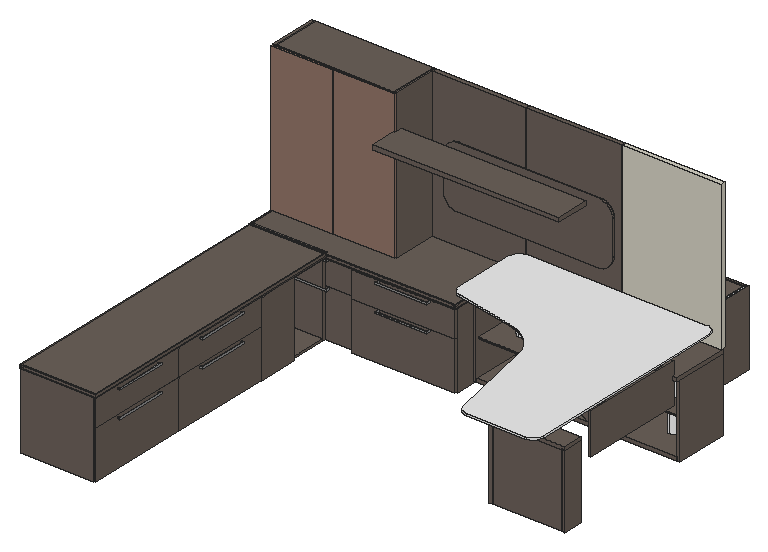
Revit family "OFS TYPICAL T100290", category Furniture, Revit 2022 (continued)
Definition of nested family "STAKS LOW HEIGHT PEDESTAL WIDE - BOX-FILE - NO RISER SUPPORT"
  Automatic sketch dimensions
    Extrusion 3 sketch curve to plane 3 = 0' - 0"
    Extrusion 3 sketch curve to plane 16 = 0' - 0"
    Extrusion 4 sketch curve to plane 6 = 0' - 0"
    Extrusion 4 sketch curve to plane 3 = 0' - 0"
    Extrusion 4 sketch curve to plane 17 = 0' - 0"
    plane 27 to Extrusion 4 sketch curve = 0' - 0"
    plane 13 to Extrusion 5 sketch curve = 0' - 0"  (x2)
    Extrusion 5 sketch curve to plane 20 = 0' - 0"
    Extrusion 5 sketch curve to plane 21 = 0' - 0"
    Extrusion 5 sketch curve to plane 23 = 0' - 0"
    Extrusion 5 sketch curve to plane 22 = 0' - 0"
    plane 25 to Extrusion 5 sketch curve = 0' - 0"
    plane 24 to Extrusion 5 sketch curve = 0' - 0"
    plane 13 to Extrusion 6 sketch curve = 0' - 0"  (x2)
    Extrusion 6 sketch curve to plane 20 = 0' - 0"
    Extrusion 6 sketch curve to plane 21 = 0' - 0"
    Extrusion 6 sketch curve to plane 23 = 0' - 0"
    Extrusion 6 sketch curve to plane 22 = 0' - 0"
    plane 25 to Extrusion 6 sketch curve = 0' - 0"
    plane 24 to Extrusion 6 sketch curve = 0' - 0"
    plane 12 to Extrusion 7 sketch curve = 0' - 0"
    Extrusion 7 sketch curve to plane 18 = 0' - 0"
    plane 17 to Extrusion 7 sketch curve = 0' - 0"
    Extrusion 8 sketch curve to plane 10 = 0' - 0"
    Extrusion 8 sketch curve to plane 16 = 0' - 0"
    Extrusion 8 sketch curve to plane 3 = 0' - 0"
    Extrusion 8 sketch curve to plane 19 = 0' - 0"
    plane 14 to Extrusion 9 sketch curve = 0' - 0 11/16"
    Extrusion 9 sketch curve to plane 6 = 0' - 0"
    plane 6 to Extrusion 9 sketch curve = 0' - 0 3/4"
    Extrusion 9 sketch curve to plane 19 = 0' - 0"
    Extrusion 10 sketch curve to plane 14 = 0' - 0"
    Extrusion 10 sketch curve to plane 15 = 0' - 0"
    Extrusion 10 sketch curve to plane 13 = 0' - 0 3/4"  (x2)
    Extrusion 10 sketch curve to plane 19 = 0' - 0"
    plane 17 to Extrusion 10 sketch curve = 0' - 0"  (x2)
    plane 4 to Extrusion 2 sketch curve = 0' - 7 1/2"
    Extrusion 10 sketch curve to plane 16 = 0' - 0"
Definition of nested family "STAKS FABRIC TACKBOARD WITH ROUNDED CORNERS FOR SPINE OR DIVIDER WALL"
  Parameters (values of type "STAKS FABRIC TACKBOARD WITH ROUNDED CORNERS FOR SPINE OR DIVIDER WALL 12H x 27-48.9375W")
    URL = "http://www.ofs.com/"
    Height Above Floor [instance] = 3' - 5 1/2"
    Height = 1' - 0"
    Depth = 0' - 0 1/2"
    Model = "FTR10D"
    Manufacturer = "OFS"
    Description = "OFS STAKS FABRIC TACKBOARD WITH ROUNDED CORNERS FOR SPINE OR DIVIDER WALL 12\" Height X 27\" - 48.9375\" Width, Any Width in 1/8\" Increments available within Ranges Shown"
    Width = 2' - 3"
    Default Elevation = 0' - 0"
    Copyright © = "© 2018 OFS"
    Catalog = "https://ofs.com/products/casegoods/private-office/staks"
    Authoring Version = "Autodesk Revit Architecture 2013"
    Assembly Code = "E2020200"
  Types (6): name | Height Above Floor | Height | Model | Description | Width
    STAKS FABRIC TACKBOARD WITH ROUNDED CORNERS FOR SPINE OR DIVIDER WALL 12H x 27-48.9375W | 3' - 5 1/2" | 1' - 0" | "FTR10D" | "OFS STAKS FABRIC TACKBOARD WITH ROUNDED CORNERS FOR SPINE OR DIVIDER WALL 12\" Height X 27\" - 48.9375\" Width, Any Width in 1/8\" Increments available within Ranges Shown" | 2' - 3"
    STAKS FABRIC TACKBOARD WITH ROUNDED CORNERS FOR SPINE OR DIVIDER WALL 12H x 74-96W | 3' - 5 1/2" | 1' - 0" | "FTR10F" | "OFS STAKS FABRIC TACKBOARD WITH ROUNDED CORNERS FOR SPINE OR DIVIDER WALL 12\" Height X 74\" - 96\" Width, Any Width in 1/8\" Increments available within Ranges Shown" | 6' - 2"
    STAKS FABRIC TACKBOARD WITH ROUNDED CORNERS FOR SPINE OR DIVIDER WALL 12H x 49-73.9375W | 3' - 5 1/2" | 1' - 0" | "FTR10E" | "OFS STAKS FABRIC TACKBOARD WITH ROUNDED CORNERS FOR SPINE OR DIVIDER WALL 12\" Height X 49\" - 73.9375\" Width, Any Width in 1/8\" Increments available within Ranges Shown" | 4' - 1"
    STAKS FABRIC TACKBOARD WITH ROUNDED CORNERS FOR SPINE OR DIVIDER WALL 18H x 27-48.9375W | 3' - 11 1/2" | 1' - 6" | "FTR10A" | "OFS STAKS FABRIC TACKBOARD WITH ROUNDED CORNERS FOR SPINE OR DIVIDER WALL 18\" Height X 27\" - 48.9375\" Width, Any Width in 1/8\" Increments available within Ranges Shown" | 2' - 3"
    STAKS FABRIC TACKBOARD WITH ROUNDED CORNERS FOR SPINE OR DIVIDER WALL 18H x 49-73.9375W | 3' - 11 1/2" | 1' - 6" | "FTR10B" | "OFS STAKS FABRIC TACKBOARD WITH ROUNDED CORNERS FOR SPINE OR DIVIDER WALL 18\" Height X 49\" - 73.9375\" Width, Any Width in 1/8\" Increments available within Ranges Shown" | 4' - 1"
    STAKS FABRIC TACKBOARD WITH ROUNDED CORNERS FOR SPINE OR DIVIDER WALL 18H x 74-96W | 3' - 11 1/2" | 1' - 6" | "FTR10C" | "OFS STAKS FABRIC TACKBOARD WITH ROUNDED CORNERS FOR SPINE OR DIVIDER WALL 18\" Height X 74\" - 96\" Width, Any Width in 1/8\" Increments available within Ranges Shown" | 6' - 2"
  Reference planes (in)
    plane 1: z = -0.125
    plane 2 "LEFT": x = 7.55498
    plane 3 "RIGHT": x = 34.55498
    plane 4 "BACK": y = -1.83365
    plane 5 "FRONT": y = -2.33365
    plane 6: x = 7.67998
    plane 7: x = 34.42998
    plane 8: y = -1.95865
    plane 9: y = -2.20865
    plane 10: z = 29.375
    plane 11 "SURFACE TOP": z = 41.375
  Forms (in)
    Extrusion 1, solid
      sketch origin (0, 0.50035, 0) x (1, 0, 0) y (0, 0, 1)
        loop
          arc (30.55498, 29.375) -> (33.38341, 30.54657) -> (34.55498, 33.375) r 4
          line (34.55498, 33.375) -> (34.55498, 37.375)
          arc (34.55498, 37.375) -> (33.38341, 40.20343) -> (30.55498, 41.375) r 4
          line (30.55498, 41.375) -> (11.55498, 41.375)
          arc (11.55498, 41.375) -> (8.72655, 40.20343) -> (7.55498, 37.375) r 4
          line (7.55498, 37.375) -> (7.55498, 33.375)
          arc (7.55498, 33.375) -> (8.72655, 30.54657) -> (11.55498, 29.375) r 4
          line (11.55498, 29.375) -> (30.55498, 29.375)
      from 2.834 to 2.334
  Dimensions and locks (in)
    "Depth": plane 4 "BACK" to plane 5 "FRONT"
    "Width": plane 2 "LEFT" to plane 3 "RIGHT"
    "Height": plane 11 "SURFACE TOP" to plane 10
    locked: plane 4 "BACK" to plane 8 at 0.125
    locked: plane 2 "LEFT" to plane 6 at 0.125
    locked: plane 7 to plane 3 "RIGHT" at 0.125
    locked: plane 9 to plane 5 "FRONT" at 0.125
    "Height Above Floor": plane 11 "SURFACE TOP" to level
    aligned: level to plane 1
    aligned and locked: plane 10 to Extrusion 1 sketch curve
    aligned and locked: Extrusion 1 sketch curve to plane 3 "RIGHT"
    aligned and locked: Extrusion 1 sketch curve to plane 11 "SURFACE TOP"
    aligned and locked: plane 2 "LEFT" to Extrusion 1 sketch curve
    aligned and locked: Extrusion 1 to plane 5 "FRONT"
    aligned and locked: plane 4 "BACK" to Extrusion 1
  Automatic sketch dimensions
    plane 10 to Extrusion 1 sketch curve = 0' - 4"
    plane 6 to Extrusion 1 sketch curve = 0' - 3 7/8"  (x2)
    Extrusion 1 sketch curve to plane 7 = 0' - 3 7/8"
Definition of nested family "OFS STAKS Desk Height Media Panels - Laminate-Veneer"
  Parameters (values of type "Desk Height Media Panel 24.5H")
    Width [instance] = 2' - 0"
    URL = "http://ofs.com/"
    Total Width [instance] = Width + Plus Fraction  # 2' - 0"
    Plus Fraction [instance] = 0' - 0"
    Panel Height = 2' - 0 1/2"
    Model = "6-W24MP"
    Manufacturer = "OFS"
    Height From Floor = 2' - 5"
    Finish = none
    Description = "OFS STAKS Desk Height Media Panel 24.5H"
    Depth = 0' - 1 3/8"
    Default Elevation = 0' - 0"
    Copyright © = "©OFS 2025"
    Catalog = ""
    Authoring Version = "Autodesk Revit 2022"
    Assembly Code = "E2020200"
  Types (6): name | Panel Height | Model | Description
    (no name) | 2' - 0 1/2" | "6-W24MP" | "OFS STAKS Desk Height Media Panel 24.5H"
    Desk Height Media Panel 24.5H | 2' - 0 1/2" | "6-W24MP" | "OFS STAKS Desk Height Media Panel 24.5H"
    Desk Height Media Panel 28H | 2' - 4" | "6-W28MP" | "OFS STAKS Desk Height Media Panel 28H"
    Desk Height Media Panel 31H | 2' - 7" | "6-W31MP" | "OFS STAKS Desk Height Media Panel 31H"
    Desk Height Media Panel 33H | 2' - 9" | "6-W33MP" | "OFS STAKS Desk Height Media Panel 31H"
    Desk Height Media Panel 43H | 3' - 7" | "6-W43MP" | "OFS STAKS Desk Height Media Panel 31H"
  Reference planes (in)
    plane 1 "Center Front/Back": y = 0
    plane 2: z = 0
    plane 3 "Center Left/Right": x = 0
    plane 4: x = 12
    plane 5: z = 53.5
    plane 6: z = 29
    plane 7: x = -12
    plane 8: y = -1.375
  Forms (in)
    Extrusion 1, solid, material <- "Finish"
      sketch origin (0, 0, 0) x (1, 0, 0) y (0, 1, 0)
        loop
          line (-12, 0) -> (-12, -1.375) -> (12, -1.375) -> (12, 0) -> (-12, 0)
      from 29 to 53.5
  Dimensions and locks (in)
    "Panel Height": plane 5 to plane 6
    "Height From Floor": plane 6 to level
    equal spacing: plane 7, plane 3 "Center Left/Right", plane 4
    "Width": plane 7 to plane 4
    "Depth": plane 8 to plane 1 "Center Front/Back"
    aligned and locked: level to plane 2
    aligned and locked: plane 8 to Extrusion 1 sketch curve
    aligned and locked: plane 1 "Center Front/Back" to Extrusion 1 sketch curve
    aligned and locked: plane 4 to Extrusion 1 sketch curve
    aligned and locked: plane 7 to Extrusion 1 sketch curve
    aligned and locked: Extrusion 1 to plane 5
    aligned and locked: Extrusion 1 to plane 6
Definition of nested family "OFS STAKS Desk Height Media Panels - Upholstered"
  Parameters (values of type "Desk Height Media Panel 24.5H")
    Width [instance] = 2' - 0"
    URL = "http://ofs.com/"
    Total Width [instance] = Width + Plus Fraction  # 2' - 0"
    Plus Fraction [instance] = 0' - 0"
    Panel Height = 2' - 0 1/2"
    Model = "6-U24MP"
    Manufacturer = "OFS"
    Height From Floor = 2' - 5"
    Finish = none
    Description = "OFS STAKS Desk Height Media Panel 24.5H"
    Depth = 0' - 1 3/8"
    Default Elevation = 0' - 0"
    Copyright © = "©OFS 2025"
    Catalog = ""
    Authoring Version = "Autodesk Revit 2022"
    Assembly Code = "E2020200"
  Types (6): name | Panel Height | Model | Description
    (no name) | 2' - 0 1/2" | "6-U24MP" | "OFS STAKS Desk Height Media Panel 24.5H"
    Desk Height Media Panel 24.5H | 2' - 0 1/2" | "6-U24MP" | "OFS STAKS Desk Height Media Panel 24.5H"
    Desk Height Media Panel 28H | 2' - 4" | "6-U28MP" | "OFS STAKS Desk Height Media Panel 28H"
    Desk Height Media Panel 31H | 2' - 7" | "6-U31MP" | "OFS STAKS Desk Height Media Panel 31H"
    Desk Height Media Panel 33H | 2' - 9" | "6-U33MP" | "OFS STAKS Desk Height Media Panel 31H"
    Desk Height Media Panel 43H | 3' - 7" | "6-U43MP" | "OFS STAKS Desk Height Media Panel 31H"
  Reference planes (in)
    plane 1 "Center Front/Back": y = 0
    plane 2: z = 0
    plane 3 "Center Left/Right": x = 0
    plane 4: x = 12
    plane 5: z = 53.5
    plane 6: z = 29
    plane 7: x = -12
    plane 8: y = -1.375
  Forms (in)
    Extrusion 1, solid, material <- "Finish"
      sketch origin (0, 0, 0) x (1, 0, 0) y (0, 1, 0)
        loop
          line (-12, 0) -> (-12, -1.375) -> (12, -1.375) -> (12, 0) -> (-12, 0)
      from 29 to 53.5
  Dimensions and locks (in)
    "Panel Height": plane 5 to plane 6
    "Height From Floor": plane 6 to level
    equal spacing: plane 7, plane 3 "Center Left/Right", plane 4
    "Width": plane 7 to plane 4
    "Depth": plane 8 to plane 1 "Center Front/Back"
    aligned and locked: level to plane 2
    aligned and locked: plane 8 to Extrusion 1 sketch curve
    aligned and locked: plane 1 "Center Front/Back" to Extrusion 1 sketch curve
    aligned and locked: plane 4 to Extrusion 1 sketch curve
    aligned and locked: plane 7 to Extrusion 1 sketch curve
    aligned and locked: Extrusion 1 to plane 5
    aligned and locked: Extrusion 1 to plane 6
Definition of nested family "STAKS TRANSACTION SHELF"
  Parameters (values of type "STAKS TRANSACTION SHELF 30in")
    Width = 2' - 6"
    URL = "http://www.ofs.com/"
    Model = "6-TRS-30/10"
    Manufacturer = "OFS"
    Height From Floor = 4' - 0 5/8"
    Height = 0' - 1 1/8"
    Description = "OFS STAKS TRANSACTION SHELF 30\" Width, to Provide a Quick Transition to Reception Applications"
    Depth = 0' - 10"
    Default Elevation = 0' - 0"
    Copyright © = "© 2018 OFS"
    Catalog = "https://ofs.com/products/casegoods/private-office/staks"
    Shelf Material = none
    Authoring Version = "Autodesk Revit Architecture 2013"
    Assembly Code = "E2020200"
  Types (11): name | Width | Model | Description
    STAKS TRANSACTION SHELF 30in | 2' - 6" | "6-TRS-30/10" | "OFS STAKS TRANSACTION SHELF 30\" Width, to Provide a Quick Transition to Reception Applications"
    STAKS TRANSACTION SHELF 36in | 3' - 0" | "6-TRS-36/10" | "OFS STAKS TRANSACTION SHELF 36\" Width, to Provide a Quick Transition to Reception Applications"
    STAKS TRANSACTION SHELF 42in | 3' - 6" | "6-TRS-42/10" | "OFS STAKS TRANSACTION SHELF 42\" Width, to Provide a Quick Transition to Reception Applications"
    STAKS TRANSACTION SHELF 46in | 3' - 10" | "6-TRS-46/10" | "OFS STAKS TRANSACTION SHELF 46\" Width, to Provide a Quick Transition to Reception Applications"
    STAKS TRANSACTION SHELF 48in | 4' - 0" | "6-TRS-48/10" | "OFS STAKS TRANSACTION SHELF 48\" Width, to Provide a Quick Transition to Reception Applications"
    STAKS TRANSACTION SHELF 54in | 4' - 6" | "6-TRS-54/10" | "OFS STAKS TRANSACTION SHELF 54\" Width, to Provide a Quick Transition to Reception Applications"
    STAKS TRANSACTION SHELF 60in | 5' - 0" | "6-TRS-60/10" | "OFS STAKS TRANSACTION SHELF 60\" Width, to Provide a Quick Transition to Reception Applications"
    STAKS TRANSACTION SHELF 66in | 5' - 6" | "6-TRS-66/10" | "OFS STAKS TRANSACTION SHELF 66\" Width, to Provide a Quick Transition to Reception Applications"
    STAKS TRANSACTION SHELF 72in | 6' - 0" | "6-TRS-72/10" | "OFS STAKS TRANSACTION SHELF 72\" Width, to Provide a Quick Transition to Reception Applications"
    STAKS TRANSACTION SHELF 78in | 6' - 6" | "6-TRS-78/10" | "OFS STAKS TRANSACTION SHELF 78\" Width, to Provide a Quick Transition to Reception Applications"
    STAKS TRANSACTION SHELF 84in | 7' - 0" | "6-TRS-84/10" | "OFS STAKS TRANSACTION SHELF 84\" Width, to Provide a Quick Transition to Reception Applications"
  Reference planes (in)
    plane 1: z = 0
    plane 2 "Center (Front/Back)": y = -2.12465
    plane 3 "LEFT": x = -31.5
    plane 4 "BASE TOP": z = 48.625
    plane 5 "RIGHT": x = -1.5
    plane 6: z = 47.5
    plane 7: y = 2.87535
    plane 8 "CENTER": x = -16.5
    plane 9: y = -7.12465
  Forms (in)
    Extrusion 1, solid, material <- "Shelf Material"
      sketch origin (0, -2.12465, 0) x (1, 0, 0) y (0, 0, 1)
        loop
          line (-31.5, 48.625) -> (-31.5, 47.5) -> (-1.5, 47.5) -> (-1.5, 48.625) -> (-31.5, 48.625)
      from -5 to 5
  Dimensions and locks (in)
    "Height From Floor": plane 4 "BASE TOP" to plane 1
    "Height": plane 4 "BASE TOP" to plane 6
    equal spacing: plane 3 "LEFT", plane 8 "CENTER", plane 5 "RIGHT"
    equal spacing: plane 9, plane 2 "Center (Front/Back)", plane 7
    "Width": plane 3 "LEFT" to plane 5 "RIGHT"
    "Depth": plane 9 to plane 7
    aligned and locked: level to plane 1
    aligned and locked: Extrusion 1 sketch curve to plane 4 "BASE TOP"
    aligned and locked: plane 3 "LEFT" to Extrusion 1 sketch curve
    aligned and locked: Extrusion 1 sketch curve to plane 6
    aligned and locked: Extrusion 1 sketch curve to plane 5 "RIGHT"
    aligned and locked: Extrusion 1 to plane 7
    aligned and locked: plane 9 to Extrusion 1
